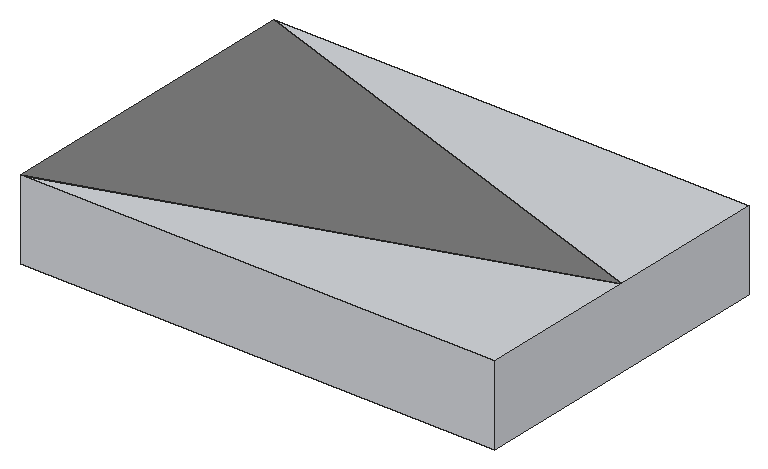
Revit family "電線管用ファミリ(片側のみ)_21", category Electrical Fixtures, Revit 2021
Family settings
  Maintain Annotation Orientation = No
  Round Connector Dimension = Use Diameter
  Part Type = Normal
  OmniClass Number = 23.80.00.00
  OmniClass Title = Electric Power and Lighting
  Work Plane-Based = No
  Always vertical = Yes
  Cut with Voids When Loaded = No
  Shared = No
  Room Calculation Point = No
Parameters
  コネクタ直径 [instance] = 16 mm
  W [instance] = 300 mm
  Default Elevation = 0 mm
  D [instance] = 200 mm
Reference planes
  plane 1 "Center (Front/Back)": y = 0
  plane 2: z = 0
  plane 3 "Center (Left/Right)": x = 0
  plane 4: x = -150
  plane 5: x = 150
  plane 6: y = 100
  plane 7: y = -100
  plane 8: z = 50
Forms (mm)
  Extrusion 1, solid
    sketch origin (0, 0, 0) x (1, 0, 0) y (0, 1, 0)
      loop
        line (-150, 100) -> (-150, -100) -> (150, -100) -> (150, 100) -> (-150, 100)
    from 0 to 50
  Extrusion 2, solid, material "Default Solid Fill"
    sketch origin (0, 0, 0) x (1, 0, 0) y (0, 1, 0)
      loop
        line (-150, 100) -> (-150, -100) -> (150, 0) -> (-150, 100)
    from 0 to 50
Dimensions and locks
  equal spacing: plane 4, plane 3 "Center (Left/Right)", plane 5
  "W": plane 4 to plane 5
  equal spacing: plane 6, plane 1 "Center (Front/Back)", plane 7
  "D": plane 6 to plane 7
  aligned and locked: level to plane 2
  aligned and locked: plane 8 to Extrusion 1
Automatic sketch dimensions
  Extrusion 1 sketch curve to plane 4 = 0 mm
  Extrusion 1 sketch curve to plane 5 = 0 mm
  Extrusion 1 sketch curve to plane 7 = 0 mm
  Extrusion 1 sketch curve to plane 6 = 0 mm
  Extrusion 2 sketch curve to plane 4 = 0 mm
  plane 1 "Center (Front/Back)" to Extrusion 2 sketch curve = 0 mm
  Extrusion 2 sketch curve to plane 5 = 0 mm
  Extrusion 2 sketch curve to plane 7 = 0 mm
  Extrusion 2 sketch curve to plane 6 = 0 mm
Connectors
  cabletrayconduit at (0, 0, 50), diameter 16
    settings: on Extrusion 1, index 1, connector width 300 mm, connector height 300 mm, connector angle 0.00°, system type 32, placement type 0, profile type 0, connector reference index -1, is primary connector yes, connector utility param no, connector description ""
